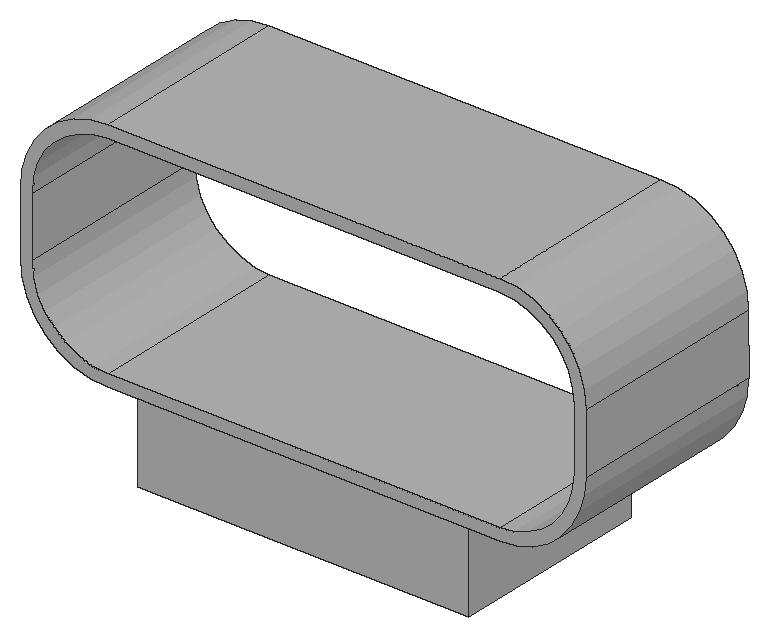
Revit family "3039983 Lighting Fixture_Sylvania_Lumina Curve LED_Wall Mounted", category Lighting Fixtures, host Face, Revit 2017
Family settings
  Host = Face
  Round Connector Dimension = Use Diameter
  Part Type = Normal
  OmniClass Number = 23.80.70.11.17
  OmniClass Title = Specialized Lighting by Location or Use
  Cut with Voids When Loaded = No
  Light Source = Yes
  Shared = No
  Room Calculation Point = No
Parameters (values of type "Lumina Curve LED 2700K")
  Width = 104.0 mm  # constant formula
  Wattage = 6 W
  built-in parameter 1150110 = 1 (stored number, unit not read)
  Voltage Comments = "UNV (Universal Voltage; 100-240 Volt)"  # constant formula
  Voltage = 240 V  # constant formula
  URL = "http://www.sylvania-lighting.com"
  built-in parameter 1114217 = 1 (stored number, unit not read)
  Tilt Angle = -90.00°
  built-in parameter 1150109 = 1 (stored number, unit not read)
  built-in parameter 1150134 = (empty or 0)
  built-in parameter 1150113 = 1 (stored number, unit not read)
  Photometric Web File = "3039983_LuminaCurveLED2700K-183046.ies"
  Product Page URL = "http://www.sylvania-lighting.com/product/en-int/products/3039983"
  Product Family = "Lumina LED"  # constant formula
  Photometry Comments = ""
  built-in parameter 1150105 = 28.17 (stored number, unit not read)
  Lumens = 354 lm
  built-in parameter 1150115 = 1 (stored number, unit not read)
  built-in parameter 1150137 = (empty or 0)
  built-in parameter 1150139 = (empty or 0)
  Light Distribution = "Direct/Indirect"  # constant formula
  Life = "30 000h"  # constant formula
  Length = 188.0 mm  # constant formula
  built-in parameter 1150112 = 1 (stored number, unit not read)
  built-in parameter 1150114 = 1 (stored number, unit not read)
  built-in parameter 1150132 = 2
  built-in parameter 1150102 = (empty or 0)
  built-in parameter 1150107 = 2700 (stored number, unit not read)
  built-in parameter 1150138 = (empty or 0)
  built-in parameter 1150106 = 0.2817 (stored number, unit not read)
  IP Rating = "IP20"  # constant formula
  Height = 67.0 mm  # constant formula
  Energy Class = "A++, A+, A"  # constant formula
  Emit from Circle Diameter = 6.5 mm  # constant formula
  Emit Shape Visible in Rendering = no
  Electrical Protection = "Class II"  # constant formula
  built-in parameter 1150104 = 5.4813 (stored number, unit not read)
  Drive Current = "500mA"  # constant formula
  Dimming Lamp Color Temperature Shift = <None>
  Mounting Length = 110.0 mm
  Accessory Width = 78.0 mm
  Color Filter = 16777215
  built-in parameter 1114218 = 1 (stored number, unit not read)
  built-in parameter 1150133 = 10 (stored number, unit not read)
  Accessory Material = Aluminum_Sylvania_Curve LED_White_RAL 9016
  built-in parameter 1114216 [instance] = 1 (stored number, unit not read)
  Body Material = Aluminum_Sylvania_Curve LED_White_RAL 9016
  Model = "3039983 Lumina Curve LED 2700K"
  Manufacturer = "Feilo Sylvania"  # constant formula
  Lamp = "LED"
  Description = "Lumina LED is a new range of ambient & decorative LED wall lights. Consisting of multiple decorative styles, they are suitable for use in any hospitality or residential application such as reception areas, hallways and lounge spaces. Lumina LED offers a selection of different styles to suit multiple applications. With a 2,700K colour temperature it provides a soft and ambient lighting effect. Lumina LED provides direct/indirect ambient light with an efficacy of up to 87lm/W; up to 50% more energy efficient than equivalent products using traditional lamp sources."  # constant formula
  Default Elevation = 0.0 mm
  built-in parameter 1140040 [instance] = 1
  Assembly Code = "D5020200"
  Apparent Load Comments = ""
  Apparent Load = 6 VA
Reference planes
  plane 1 "Center (Front/Back)": y = 0
  plane 2 "Fixture Back": z = 0
  plane 3 "Center (Left/Right)": x = 0
  plane 4 "Fixture Front": z = 104
  plane 5: z = 26
  plane 6 "Fixture Left": x = 94
  plane 7 "Fixture Right": x = -94
  plane 8 "Accessory Center": z = 65
  plane 9: x = -55
  plane 10: x = 55
  plane 11 "Fixture Top": y = 33.5
  plane 12 "Fixture Bottom": y = -33.5
  plane 13: x = 65
  plane 14: x = -65
  plane 15: z = 55
  plane 16: z = 75
  plane 17: z = 100
Forms (mm)
  Extrusion 1, solid, material "Aluminum_Sylvania_Curve LED_White_RAL 9016" <- "Accessory Material"
    sketch origin (0, 0, 0) x (1, 0, 0) y (0, 0, 1)
      loop
        arc (-65, 104) -> (-85.506, 95.506) -> (-94, 75) r 29
        line (-94, 75) -> (-94, 55)
        arc (-94, 55) -> (-85.506, 34.494) -> (-65, 26) r 29
        line (-65, 26) -> (65, 26)
        arc (65, 26) -> (85.506, 34.494) -> (94, 55) r 29
        line (94, 55) -> (94, 75)
        arc (94, 75) -> (85.506, 95.506) -> (65, 104) r 29
        line (65, 104) -> (-65, 104)
      loop
        arc (-90, 55) -> (-82.678, 37.322) -> (-65, 30) r 25
        line (-65, 30) -> (65, 30)
        arc (65, 30) -> (82.678, 37.322) -> (90, 55) r 25
        line (90, 55) -> (90, 75)
        arc (90, 75) -> (82.678, 92.678) -> (65, 100) r 25
        line (65, 100) -> (-65, 100)
        arc (-65, 100) -> (-82.678, 92.678) -> (-90, 75) r 25
        line (-90, 75) -> (-90, 55)
    from -33.5 to 33.5
  Extrusion 2, solid, material "Aluminum_Sylvania_Curve LED_White_RAL 9016" <- "Body Material"
    sketch origin (0, 0, 0) x (1, 0, 0) y (0, 0, 1)
      loop
        line (-55, 26) -> (-55, 0) -> (55, 0) -> (55, 26) -> (-55, 26)
    from -33.5 to 33.5
Dimensions and locks
  equal spacing: plane 4 "Fixture Front", plane 8 "Accessory Center", plane 5
  "Width": plane 4 "Fixture Front" to level
  "Accessory Width": plane 4 "Fixture Front" to plane 5
  equal spacing: plane 6 "Fixture Left", plane 3 "Center (Left/Right)", plane 7 "Fixture Right"
  "Length": plane 6 "Fixture Left" to plane 7 "Fixture Right"
  equal spacing: plane 10, plane 3 "Center (Left/Right)", plane 9
  "Mounting Length": plane 10 to plane 9
  equal spacing: plane 11 "Fixture Top", plane 1 "Center (Front/Back)", plane 12 "Fixture Bottom"
  "Height": plane 11 "Fixture Top" to plane 12 "Fixture Bottom"
  locked: plane 6 "Fixture Left" to plane 13 at 29
  locked: plane 14 to plane 7 "Fixture Right" at 29
  locked: plane 4 "Fixture Front" to plane 16 at 29
  locked: plane 15 to plane 5 at 29
  locked: plane 4 "Fixture Front" to plane 17 at 4
  aligned and locked: level to host face
  aligned and locked: level to plane 2 "Fixture Back"
  aligned and locked: plane 11 "Fixture Top" to Extrusion 1
  aligned and locked: Extrusion 1 to plane 12 "Fixture Bottom"
  aligned and locked: Extrusion 2 sketch curve to plane 10
  aligned and locked: plane 9 to Extrusion 2 sketch curve
  aligned and locked: Extrusion 2 sketch curve to plane 5
  aligned and locked: plane 2 "Fixture Back" to Extrusion 2 sketch curve
  aligned and locked: plane 11 "Fixture Top" to Extrusion 2
  aligned and locked: Extrusion 2 to plane 12 "Fixture Bottom"
  aligned and locked: plane 7 "Fixture Right" to Extrusion 1 sketch curve
  aligned and locked: plane 5 to Extrusion 1 sketch curve
  aligned and locked: Extrusion 1 sketch curve to plane 6 "Fixture Left"
  aligned and locked: Extrusion 1 sketch curve to plane 4 "Fixture Front"
  aligned and locked: plane 3 "Center (Left/Right)" to imposter light
  aligned and locked: imposter light to plane 1 "Center (Front/Back)"
  aligned and locked: imposter light to plane 17
Automatic sketch dimensions
  host sketch curve to host sketch curve = 1548.75 mm
  host sketch curve to host sketch curve = 1415.87 mm
  Extrusion 1 sketch curve to plane 13 = 0.0 mm  (x3)
  Extrusion 1 sketch curve to plane 15 = 0.0 mm  (x2)
  Extrusion 1 sketch curve to Extrusion 1 sketch curve = 0.0 mm  (x7)
  Extrusion 1 sketch curve to plane 4 "Fixture Front" = 4.0 mm
  Extrusion 1 sketch curve to plane 14 = 0.0 mm  (x2)
Connectors
  electrical at (0, 0, 0), driven by "Voltage", driven by "Apparent Load"
    settings: on Extrusion 2, index 1, voltage 240 V, apparent load 0 VA, apparent load phase1 6 VA, apparent load phase2 0 VA, apparent load phase3 0 VA, power factor 1, load classification "Lighting", number of poles 1, system type 31, power factor state 1, is connector primary yes, connector utility no, sub classification motor no, connector description ""
